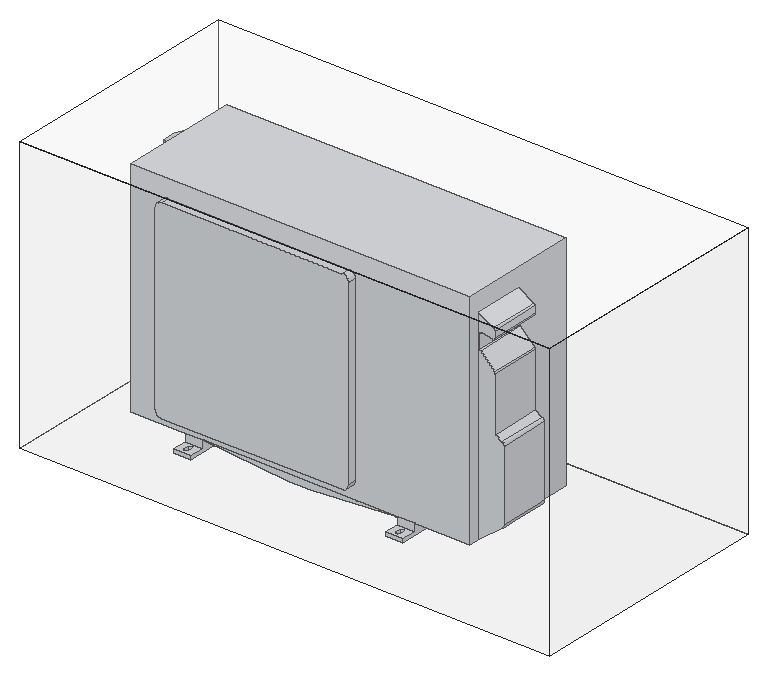
Revit family "mucz-g22_5624_50hz", category 機械設備, Revit 2019
Family settings
  丸型コネクタ寸法 = 直径を使用
  パーツ タイプ = 標準
  OmniClass 番号 = 23.75.10.24.21.27.27
  OmniClass タイトル = Split System Air Conditioning Units
  作業面ベース = いいえ
  常に垂直 = はい
  ロード時にボイドで切り取り = いいえ
  共有 = いいえ
  部屋計算ポイント = いいえ
Parameters (values of type "室外機_MUCZ-G4024S")
  風量 = MAX風量  # 2280.0 m³/h
  音響パワーレベル(dB) = if([運転音(強冷房)  db] > [運転音(強暖房)  db], [運転音(強冷房)  db], [運転音(強暖房)  db])  # 64
  電源種別 = ""
  電圧 = 200 V
  電動機出力_送風機 = 50 W
  電動機出力_圧縮機 = 1100 W
  運転音(強暖房)  db = 64
  運転音(強冷房)  db = 61
  運転質量 = 0.00 kg
  運転方法 = "冷暖切替"
  質量 = if(製品質量 > 運転質量, 製品質量, 運転質量) * 1.2  # 33.60 kg
  負荷分類 = 1_熱源類
  説明 = "ルームエアコン(霧ヶ峰) GVシリーズ 室外ユニット"
  設計暖房能力 [instance] = 0 kW
  設計冷房能力_顕熱 [instance] = 0 kW
  設計冷房能力 [instance] = 0 kW
  設置方法 = "床置形"
  記号 [instance] = ""
  製造元 = "三菱電機株式会社"
  製品質量 = 28.00 kg
  製品出荷対象 = "国内"
  製品リリース年月 = "-"
  製品グループ = ""
  系統 [instance] = ""
  符号 = "ACR"
  積算_科目 = "1 空気調和設備"
  積算_拾い区分 [instance] = ""
  相 = 1
  盤記号 [instance] = ""
  発停方法 = "付属スイッチ"
  特殊仕様 [instance] = ""
  法定耐用年数 = "6"
  構成品番 = ""
  極数 = 1
  材質 = ""
  本体マテリアル = none
  最大電流値 = 0 A
  暖房能力 = 5 kW
  暖房 風量 = 2280.0 m³/h
  推奨ブレーカー容量 = 0 A
  形式 = "パッケージ形 屋外機"
  形名 = MUCZ-G40_56*S : MUCZ-G40_56*S
  幹線記号 = ""
  始動方式 = "直入"
  呼称 = "パッケージ形空気調和機_室外機"
  周波数 = 50 Hz
  冷房 風量 = 2280.0 m³/h
  冷媒　位置Z = 132.5 mm
  冷媒　位置Y = 171 mm
  冷媒　位置X = 429 mm
  価格 = 0
  参照している仕様書等のバージョン = "公共建築物標準仕様書（機械設備工事編）平成31年度版"
  分類コード = "50053004206100"
  分類グループ = ""
  冷房能力 = 4 kW
  冷媒管径符号 = "Ab"
  冷媒管径 = 100.00 mm
  冷媒液管径 = 6.35 mm
  冷媒ガス管径 = 9.52 mm
  企業コード = "108420"
  付属品 = ""
  仕様書バージョン = "Version1.0"
  モデル = "MUCZ-G4024S"
  ドレン穴径 = 42.00 mm
  ドレン　位置Z = 45 mm
  ドレン　位置Y = 44 mm
  ドレン　位置X = 0 mm
  サービススペース = yes
  コメント [instance] = ""
  ケーブル種類1 = ""
  【値が 0 の項目は組合せ形名にてご確認ください】 = ""
  Width = 800 mm
  Version = ""
  Uniclass2015Version = "Systems v1.9"
  Uniclass2015Title = "Split coil remote air cooled condensing units"
  Uniclass2015Code = "Pr_70_65_03_84"
  URL = "https://www.mitsubishielectric.co.jp/ldg/wink/"
  SpecificationReference = ""
  SpecificationDescription = ""
  Revision = ""
  ProductInformation = ""
  OmniClassCode = "23-33 17 13 11"
  MAX風量 = 2280.0 m³/h
  IfcTypeProduct = ""
  IfcProduct = ""
  IfcExportType = "AIRCONDITIONINGUNIT"
  IfcExportAs = "IfcUnitaryEquipmentType"
  Height = 550 mm
  Depth = 285 mm
  Clearance Top = 100 mm
  Clearance Right = 350 mm
  Clearance Left = 100 mm
  Clearance Front = 200 mm
  Clearance Bottom = 0 mm
  Clearance Back = 100 mm
  COP_暖房 = 3.38
  COP_冷房 = 2.41
  COP = (COP_冷房 + COP_暖房) / 2  # 2.895
  Author = "三菱電機株式会社"
  APF = 0
Reference planes
  plane 1 "中心(正面/背面)": y = 74
  plane 2: z = 0
  plane 3 "中心(左/右)": x = 830
  plane 4 "右": x = 1230
  plane 5 "左": x = 430
  plane 6 "背面": y = 216.5
  plane 7 "正面": y = -68.5
  plane 8 "上部": z = 550
  plane 9 "Clearanse Top": z = 650
  plane 10 "SS_back": y = 316.5
  plane 11 "SS_front": y = -268.5
  plane 12 "SS_left": x = 330
  plane 13 "SS_right": x = 1580
  plane 14: z = 0
  plane 15: z = 45
  plane 16: z = 46
  plane 17: y = 172.5
  plane 18: y = 45.5
  plane 19: z = 132.5
  plane 20: x = 1259
  plane 21: z = 50
  plane 22: x = 1229
  plane 23: x = 1228
  plane 24: y = 46.5
Forms (mm)
  Extrusion 1, solid, material <- "本体マテリアル", detail levels fine
    sketch origin (-1437.329, -1524, 54) x (-1, 0, 0) y (0, -1, 0)
      loop
        circle (-2267.329, -1696.5) r 21
    from -9 to -8
  Extrusion 2, solid, material <- "本体マテリアル", detail levels fine
    sketch origin (1230, 0, 0) x (0, 1, 0) y (0, 0, 1)
      loop
        circle (172.5, 50) r 10
    from -1 to -2
  Extrusion 3, solid, material <- "本体マテリアル", detail levels fine
    sketch origin (0, -68.5, 0) x (1, 0, 0) y (0, 0, 1)
      loop
        circle (1259, 132.5) r 25
    from -115 to -114
Dimensions and locks
  equal spacing: plane 7 "正面", plane 1 "中心(正面/背面)", plane 6 "背面"
  "Depth": plane 7 "正面" to plane 6 "背面"
  "Width": plane 5 "左" to plane 4 "右"
  equal spacing: plane 5 "左", plane 3 "中心(左/右)", plane 4 "右"
  "Clearance Left": plane 12 "SS_left" to plane 5 "左"
  "Clearance Right": plane 4 "右" to plane 13 "SS_right"
  "Clearance Back": plane 6 "背面" to plane 10 "SS_back"
  "Clearance Front": plane 11 "SS_front" to plane 7 "正面"
  "Height": plane 8 "上部" to level
  "Clearance Top": plane 9 "Clearanse Top" to plane 8 "上部"
  "Clearance Bottom": level to plane 14
  "ドレン　位置Z": plane 15 to level
  locked: plane 16 to plane 15 at 1
  "冷媒　位置Z": plane 19 to level
  "冷媒　位置X": plane 3 "中心(左/右)" to plane 20
  locked: plane 22 to plane 4 "右" at 1
  plane 21 to level = 50 mm
  locked: plane 23 to plane 22 at 1
  "冷媒　位置Y": plane 18 to plane 6 "背面"
  "ドレン　位置Y": plane 17 to plane 6 "背面"
  locked: plane 18 to plane 24 at 1
  "ドレン穴径": diameter of Extrusion 1 sketch curve
  diameter of Extrusion 3 sketch curve = 50 mm
  aligned and locked: level to plane 2
  aligned and locked: plane 10 "SS_back" to nested 1  (x2)
  aligned and locked: plane 13 "SS_right" to nested 1
  aligned and locked: plane 12 "SS_left" to nested 1  (x2)
  aligned and locked: nested 1 to plane 13 "SS_right"
  aligned and locked: plane 11 "SS_front" to nested 1
  aligned and locked: plane 9 "Clearanse Top" to nested 1
  aligned and locked: plane 1 "中心(正面/背面)" to nested 2
  aligned and locked: plane 3 "中心(左/右)" to nested 2
  aligned and locked: plane 14 to nested 1
  aligned and locked: Extrusion 1 to plane 15
  aligned and locked: plane 16 to Extrusion 1
  aligned and locked: plane 17 to Extrusion 1 sketch curve
  aligned and locked: plane 3 "中心(左/右)" to Extrusion 1 sketch curve
  aligned and locked: plane 21 to Extrusion 2 sketch curve
  aligned and locked: plane 17 to Extrusion 2 sketch curve
  aligned and locked: Extrusion 2 to plane 22
  aligned and locked: Extrusion 2 to plane 23
  aligned and locked: plane 19 to Extrusion 3 sketch curve
  aligned and locked: plane 20 to Extrusion 3 sketch curve
  aligned and locked: plane 18 to Extrusion 3
  aligned and locked: Extrusion 3 to plane 24
Automatic sketch dimensions
  radius of Extrusion 2 sketch curve = 10 mm
Nested families
  nested 1: "サービススペース_MUCZ-G25-5623" at (955, 24, 325), visible <- "サービススペース", type "サービススペース_MUCZ-G25-5623"
    with Width 1250 mm, Height 650 mm, Depth 585 mm
  nested 2: "MUCZ-G40_56*S" at (830, 74, 0), type <- "形名", マテリアル <- "本体マテリアル", type "MUCZ-G40_56*S"
    with 表示 yes, マテリアル none, ボルトピッチ Y 310 mm, ボルトピッチ X 500 mm, W 800 mm, H 550 mm, D 285 mm
Connectors
  electrical at (1229, 172.5, 50), driven by "極数", driven by "負荷分類", driven by "電圧"
    settings: on Extrusion 2, index 1, voltage 200 V, apparent load 655 VA, apparent load phase1 655 VA, apparent load phase2 0 VA, apparent load phase3 0 VA, power factor 1, load classification "1_熱源類", number of poles 1, system type 30, power factor state 1, is connector primary yes, connector utility no, sub classification motor no, connector description ""
  piping at (830, 172.5, 45), diameter 42, driven by "ドレン穴径"
    settings: on Extrusion 1, index 3, connector inside diameter 609.60 mm, connector length 0 mm, flow factor 0, pipe flow 0.0 L/s, pressure drop 0.0 Pa, fitting loss kfactor 0, connector angle 0.00°, fixture units 0, engagement length 0 mm, angle of deflection 0.00°, flow configuration 1, flow direction 2, fitting loss method 4, system type 16, joint type 0, gender type 0, connector reference index -1, connector utility 0, adjustable connector no, is connector primary yes, connector description ""
  piping at (1259, 46.5, 132.5), diameter 100, driven by "冷媒管径", driven by "冷媒管径符号"
    settings: on Extrusion 3, index 4, connector inside diameter 609.60 mm, connector length 0 mm, flow factor 0, pipe flow 0.0 L/s, pressure drop 0.0 Pa, fitting loss kfactor 0, connector angle 0.00°, fixture units 0, engagement length 0 mm, angle of deflection 0.00°, flow configuration 1, flow direction 2, fitting loss method 4, system type 7, joint type 0, gender type 0, connector reference index -1, connector utility 0, adjustable connector no, is connector primary no, connector description "Ab"
Definition of nested family "サービススペース_MUCZ-G25-5623"
  Parameters (values of type "サービススペース")
    Width [instance] = 500 mm
    Height [instance] = 500 mm
    Depth [instance] = 500 mm
  Reference planes
    plane 1 "中心(正面/背面)": y = 0
    plane 2: z = 0
    plane 3 "中心(左/右)": x = 0
    plane 4: y = -250
    plane 5: x = 250
    plane 6: y = 250
    plane 7: x = -250
    plane 8: z = 250
    plane 9: z = -250
  Forms (mm)
    Extrusion 1, solid
      sketch origin (-638.939, 0, 72.39) x (1, 0, 0) y (0, 1, 0)
        loop
          line (388.939, 250) -> (388.939, -250) -> (888.939, -250) -> (888.939, 250) -> (388.939, 250)
      from -322.39 to 177.61
  Lines and regions (mm)
    symbolic lines
      curve 1: line (-250, 0, 250) -> (250, 0, 250)
      curve 2: line (-250, 0, -250) -> (-250, 0, 250)
      curve 3: line (250, 0, -250) -> (-250, 0, -250)
      curve 4: line (250, 0, 250) -> (250, 0, -250)
      curve 5: line (0, -250, 250) -> (0, 250, 250)
      curve 6: line (0, -250, -250) -> (0, -250, 250)
      curve 7: line (0, 250, -250) -> (0, -250, -250)
      curve 8: line (0, 250, 250) -> (0, 250, -250)
      curve 9: line (-250, 250, 0) -> (250, 250, 0)
      curve 10: line (-250, -250, 0) -> (-250, 250, 0)
      curve 11: line (250, -250, 0) -> (-250, -250, 0)
      curve 12: line (250, 250, 0) -> (250, -250, 0)
  Dimensions and locks
    equal spacing: plane 7, plane 3 "中心(左/右)", plane 5
    equal spacing: plane 4, plane 1 "中心(正面/背面)", plane 6
    "Depth": plane 4 to plane 6
    "Width": plane 7 to plane 5
    equal spacing: plane 8, plane 2, plane 9
    "Height": plane 8 to plane 9
    aligned and locked: plane 9 to curve 3
    aligned and locked: plane 7 to curve 2
    aligned and locked: curve 4 to plane 5
    aligned and locked: plane 5 to Extrusion 1
    aligned and locked: Extrusion 1 to plane 7
    aligned and locked: Extrusion 1 to plane 9
    aligned and locked: plane 8 to Extrusion 1
    aligned and locked: plane 9 to curve 7
  Automatic sketch dimensions
    plane 4 to Extrusion 1 sketch curve = 0 mm
    Extrusion 1 sketch curve to plane 7 = 0 mm
    Extrusion 1 sketch curve to plane 5 = 0 mm
    plane 6 to Extrusion 1 sketch curve = 0 mm
    curve 2 to plane 8 = 0 mm
    plane 4 to curve 11 = 0 mm
    curve 11 to plane 7 = 0 mm
    curve 11 to plane 5 = 0 mm
    plane 6 to curve 10 = 0 mm
    curve 7 to plane 4 = 0 mm
    curve 7 to plane 6 = 0 mm
    curve 6 to plane 8 = 0 mm
Definition of nested family "MUCZ-G40_56*S"
  Parameters (values of type "MUCZ-G40_56*S")
    ボルトピッチ Y [instance] = 310 mm  # constant formula
    ボルトピッチ X [instance] = 500 mm  # constant formula
    H [instance] = 550 mm  # constant formula
    D [instance] = 285 mm  # constant formula
    マテリアル [instance] = none
    表示 [instance] = yes
    W [instance] = 800 mm  # constant formula
  Reference planes
    plane 1 "中心(正面/背面)": y = 0
    plane 2: z = 0
    plane 3 "中心(左/右)": x = 0
    plane 4 "TOP": z = 550
    plane 5: x = -400
    plane 6: x = 400
    plane 7: y = 142.5
    plane 8: y = -142.5
    plane 9: x = -250
    plane 10: y = 167.041
    plane 11: y = -177.959
    plane 12: y = -159.959
  Forms (mm)
    Extrusion 1, solid, material <- "マテリアル", visible <- "表示", detail levels fine
      sketch origin (-1437.329, -1524, 550) x (-1, 0, 0) y (0, -1, 0)
        loop
          line (-1167.33, -1666.5) -> (-1167.33, -1381.5) -> (-1207.33, -1381.5) -> (-1207.33, -1666.5) -> (-1167.33, -1666.5)
        loop
          line (-1667.33, -1666.5) -> (-1667.33, -1381.5) -> (-1707.33, -1381.5) -> (-1707.33, -1666.5) -> (-1667.33, -1666.5)
      from -550 to -524
    Extrusion 2, solid, material <- "マテリアル", visible <- "表示", detail levels fine
      sketch origin (-1437.329, -1524, 550) x (-1, 0, 0) y (0, -1, 0)
        loop
          line (-1837.329, -1646.5) -> (-1037.329, -1646.5) -> (-1037.329, -1381.5) -> (-1837.329, -1381.5) -> (-1837.329, -1646.5)
      from -524 to 0
    Blend 3, solid, material <- "マテリアル", visible <- "表示", detail levels fine
      base sketch origin (0, 0, 0) x (0, 1, 0) y (0, 0, 1)
        loop
          line (35.041, 547.199) -> (-34.959, 547.199) -> (-34.959, 535) -> (35.041, 535) -> (35.041, 547.199)
      top sketch origin (0, 0, 0) x (0, 1, 0) y (0, 0, 1)
        loop
          line (16.845, 538.639) -> (-17.297, 538.639) -> (-17.297, 535) -> (16.845, 535) -> (16.845, 538.639)
      from -400 to -422.3
    Extrusion 4, solid, material <- "マテリアル", visible <- "表示", detail levels fine
      sketch origin (0, 0, 0) x (1, 0, 0) y (0, 0, 1)
        loop
          line (400, 508) -> (400, 26) -> (458.1, 70.718)
          arc (458.1, 70.718) -> (460.972, 74.226) -> (462, 78.642) r 10
          line (462, 78.642) -> (462, 243.825)
          arc (462, 243.825) -> (460.661, 248.825) -> (457, 252.485) r 10
          line (457, 252.485) -> (440.519, 262) -> (440.519, 389.679)
          arc (440.519, 389.679) -> (440.139, 391.593) -> (439.055, 393.215) r 5
          line (439.055, 393.215) -> (405.379, 426.89)
          arc (405.379, 426.89) -> (404.296, 428.513) -> (403.915, 430.426) r 5
          line (403.915, 430.426) -> (403.915, 462.333)
          arc (403.915, 462.333) -> (405.837, 466.273) -> (410.125, 467.184) r 5
          line (410.125, 467.184) -> (434.31, 461.154)
          arc (434.31, 461.154) -> (438.598, 462.066) -> (440.519, 466.006) r 5
          line (440.519, 466.006) -> (440.519, 481.719)
          arc (440.519, 481.719) -> (439.85, 484.219) -> (438.019, 486.05) r 5
          line (438.019, 486.05) -> (400, 508)
      from -0.041 to 116.959
    Extrusion 5, solid, material <- "マテリアル", visible <- "表示", detail levels fine
      sketch origin (-1437.329, -1524, 550) x (-1, 0, 0) y (0, -1, 0)
        loop
          line (-1167.33, -1691.023) -> (-1167.33, -1666.523) -> (-1207.33, -1666.523) -> (-1207.33, -1691.023) -> (-1192.33, -1691.023) -> (-1192.33, -1674.041)
          arc (-1192.33, -1674.041) -> (-1187.33, -1669.041) -> (-1182.33, -1674.041) r 5
          line (-1182.33, -1674.041) -> (-1182.33, -1691.023) -> (-1167.33, -1691.023)
        loop
          line (-1667.33, -1691.041) -> (-1667.33, -1666.541) -> (-1707.33, -1666.541) -> (-1707.33, -1691.041) -> (-1692.33, -1691.041) -> (-1692.33, -1674.041)
          arc (-1692.33, -1674.041) -> (-1687.33, -1669.041) -> (-1682.33, -1674.041) r 5
          line (-1682.33, -1674.041) -> (-1682.33, -1691.041) -> (-1667.33, -1691.041)
        loop
          line (-1667.33, -1381.541) -> (-1667.33, -1346.541) -> (-1707.33, -1346.541) -> (-1707.33, -1381.541) -> (-1667.33, -1381.541)
        loop
          line (-1167.33, -1381.541) -> (-1167.33, -1346.541) -> (-1207.33, -1346.541) -> (-1207.33, -1381.541) -> (-1167.33, -1381.541)
        loop
          arc (-1692.33, -1369.541) -> (-1687.33, -1374.541) -> (-1682.33, -1369.541) r 5
          line (-1682.33, -1369.541) -> (-1682.33, -1358.541)
          arc (-1682.33, -1358.541) -> (-1687.33, -1353.541) -> (-1692.33, -1358.541) r 5
          line (-1692.33, -1358.541) -> (-1692.33, -1369.541)
        loop
          line (-1182.329, -1369.485) -> (-1182.329, -1358.584)
          arc (-1182.329, -1358.584) -> (-1187.379, -1353.534) -> (-1192.429, -1358.584) r 5.05
          line (-1192.429, -1358.584) -> (-1192.429, -1369.485)
          arc (-1192.429, -1369.485) -> (-1187.379, -1374.534) -> (-1182.329, -1369.485) r 5.05
      from -542 to -550
    Extrusion 6, solid, material <- "マテリアル", visible <- "表示", detail levels fine
      sketch origin (1480.036, -173.2, 1200) x (1, 0, 0) y (0, 0, 1)
        loop
          line (-1805.536, -707) -> (-1805.536, -1133)
          arc (-1805.536, -1133) -> (-1801.143, -1143.607) -> (-1790.536, -1148) r 15
          line (-1790.536, -1148) -> (-1364.536, -1148)
          arc (-1364.536, -1148) -> (-1353.93, -1143.607) -> (-1349.536, -1133) r 15
          line (-1349.536, -1133) -> (-1349.536, -707)
          arc (-1349.536, -707) -> (-1353.93, -696.393) -> (-1364.536, -692) r 15
          line (-1364.536, -692) -> (-1790.536, -692)
          arc (-1790.536, -692) -> (-1801.143, -696.393) -> (-1805.536, -707) r 15
      from -30.7 to -10.7
    Extrusion 7, solid, material <- "マテリアル", visible <- "表示", detail levels fine
      sketch origin (1480.036, -173.2, 1200) x (1, 0, 0) y (0, 0, 1)
        loop
          line (-1880.036, -650) -> (-1880.036, -1174) -> (-1080.036, -1174) -> (-1080.036, -650) -> (-1880.036, -650)
        loop
          line (-1160.036, -675) -> (-1840.036, -675) -> (-1840.036, -1155) -> (-1160.036, -1155) -> (-1160.036, -675)
      from -315.7 to -277.7
    Extrusion 8, solid, visible <- "表示", detail levels fine
      sketch origin (1480.036, -162.5, 1200) x (1, 0, 0) y (0, 0, 1)
        loop
          line (-1710.036, -1174) -> (-1505.067, -1190) -> (-1455.067, -1190) -> (-1250.036, -1174) -> (-1710.036, -1174)
      from -285 to -20
    Extrusion 9, void
      sketch origin (0, 0, 0) x (1, 0, 0) y (0, 1, 0)
        loop
          circle (0, 98.541) r 21
      from 8 to 45
    Extrusion 10, solid, visible <- "表示", detail levels fine
      sketch origin (1480.036, -162.5, 1200) x (1, 0, 0) y (0, 0, 1)
        loop
          line (-1750.005, -675) -> (-1840.036, -675) -> (-1840.036, -1155) -> (-1750.005, -1155) -> (-1750.005, -675)
        loop
          line (-1830.036, -790) -> (-1760.005, -790) -> (-1760.005, -684) -> (-1830.036, -684) -> (-1830.036, -790)
        loop
          line (-1760.005, -802) -> (-1830.036, -802) -> (-1830.036, -908) -> (-1760.005, -908) -> (-1760.005, -802)
        loop
          line (-1760.005, -922) -> (-1830.036, -922) -> (-1830.036, -1028) -> (-1760.005, -1028) -> (-1760.005, -922)
        loop
          line (-1760.005, -1042) -> (-1830.036, -1042) -> (-1830.036, -1148) -> (-1760.005, -1148) -> (-1760.005, -1042)
      from -306 to -305
    Sweep 11, solid, detail levels fine
      path origin (428, 28.181, 1200) x (0, 1, 0) y (0, 0, 1)
        loop
          line (-56.14, -1035.5) -> (-34.105, -1020.071)
      profile origin (428, -16.942, 172.215) x (0, -0.573576, 0.819152) y (1, 0, 0)
        loop
          circle (0, 0) r 6.35
    Sweep 12, solid, detail levels fine
      path origin (428, 28.181, 1200) x (0, 1, 0) y (0, 0, 1)
        loop
          line (-56.14, -1100.5) -> (-36.394, -1082.086)
      profile origin (428, -18.086, 108.707) x (0, -0.681998, 0.731354) y (1, 0, 0)
        loop
          circle (0, 0) r 9.52
  Cuts and joins
    joined: Extrusion 1, Extrusion 5
    Extrusion 9 cuts Extrusion 2
    Extrusion 9 cuts Extrusion 7
    joined: Extrusion 2, Extrusion 7
    Extrusion 9 cuts Extrusion 8
  Lines and regions (mm)
    Masking region 1, visible <- "表示", detail levels coarse+medium
      outline origin (-1437.329, -1524, 550) x (-1, 0, 0) y (0, -1, 0)
        loop
          line (-1837.329, -1381.5) -> (-1837.329, -1666.5) -> (-1037.329, -1666.5) -> (-1037.329, -1381.5) -> (-1837.329, -1381.5)
    symbolic lines
      curve 1: line (-400, 142.5, 0) -> (400, 142.5, 0)
      curve 2: line (-400, -142.5, 0) -> (-400, 142.5, 0)
      curve 3: line (400, -142.5, 0) -> (-400, -142.5, 0)
      curve 4: line (400, 142.5, 0) -> (400, -142.5, 0)
    model lines, visible <- "表示", detail levels fine
      curve 5: line (130.544, -162.5, 446) -> (-325.456, -162.5, 446)
      curve 6: line (130.544, -162.5, 352) -> (-325.456, -162.5, 352)
      curve 7: line (130.544, -162.5, 258) -> (-325.456, -162.5, 258)
      curve 8: line (130.544, -162.5, 164) -> (-325.456, -162.5, 164)
      curve 9: line (-319.456, -162.5, 505) -> (-319.456, -162.5, 55)
      curve 10: line (-307.456, -162.5, 508) -> (-307.456, -162.5, 52)
      curve 11: line (-295.456, -162.5, 508) -> (-295.456, -162.5, 52)
      curve 12: line (-283.456, -162.5, 508) -> (-283.456, -162.5, 52)
      curve 13: line (-271.456, -162.5, 508) -> (-271.456, -162.5, 52)
      curve 14: line (-259.456, -162.5, 508) -> (-259.456, -162.5, 52)
      curve 15: line (-247.563, -162.5, 508) -> (-247.563, -162.5, 52)
      curve 16: line (-235.456, -162.5, 508) -> (-235.456, -162.5, 52)
      curve 17: line (-223.456, -162.5, 508) -> (-223.456, -162.5, 52)
      curve 18: line (-211.456, -162.5, 508) -> (-211.456, -162.5, 52)
      curve 19: line (-199.456, -162.5, 508) -> (-199.456, -162.5, 52)
      curve 20: line (-187.456, -162.5, 508) -> (-187.456, -162.5, 52)
      curve 21: line (-175.456, -162.5, 508) -> (-175.456, -162.5, 52)
      curve 22: line (-163.563, -162.5, 508) -> (-163.563, -162.5, 52)
      curve 23: line (-151.456, -162.5, 508) -> (-151.456, -162.5, 52)
      curve 24: line (-139.456, -162.5, 508) -> (-139.456, -162.5, 52)
      curve 25: line (-127.456, -162.5, 508) -> (-127.456, -162.5, 52)
      curve 26: line (-115.456, -162.5, 508) -> (-115.456, -162.5, 52)
      curve 27: line (-103.456, -162.5, 508) -> (-103.456, -162.5, 52)
      curve 28: line (-91.456, -162.5, 508) -> (-91.456, -162.5, 52)
      curve 29: line (-79.563, -162.5, 508) -> (-79.563, -162.5, 52)
      curve 30: line (-67.456, -162.5, 508) -> (-67.456, -162.5, 52)
      curve 31: line (-55.456, -162.5, 508) -> (-55.456, -162.5, 52)
      curve 32: line (-43.456, -162.5, 508) -> (-43.456, -162.5, 52)
      curve 33: line (-31.456, -162.5, 508) -> (-31.456, -162.5, 52)
      curve 34: line (-19.456, -162.5, 508) -> (-19.456, -162.5, 52)
      curve 35: line (-7.456, -162.5, 508) -> (-7.456, -162.5, 52)
      curve 36: line (4.437, -162.5, 508) -> (4.437, -162.5, 52)
      curve 37: line (16.544, -162.5, 508) -> (16.544, -162.5, 52)
      curve 38: line (28.544, -162.5, 508) -> (28.544, -162.5, 52)
      curve 39: line (40.544, -162.5, 508) -> (40.544, -162.5, 52)
      curve 40: line (52.544, -162.5, 508) -> (52.544, -162.5, 52)
      curve 41: line (64.544, -162.5, 508) -> (64.544, -162.5, 52)
      curve 42: line (76.437, -162.5, 508) -> (76.437, -162.5, 52)
      curve 43: line (88.544, -162.5, 508) -> (88.544, -162.5, 52)
      curve 44: line (100.544, -162.5, 508) -> (100.544, -162.5, 52)
      curve 45: line (112.544, -162.5, 508) -> (112.544, -162.5, 52)
      curve 46: line (124.544, -162.5, 505) -> (124.544, -162.5, 55)
      curve 47: line (-400, 110.541, 510) -> (-400, 30.541, 510)
      curve 48: arc (-400, 30.541, 510) -> (-400, 26.298, 508.243) -> (-400, 24.541, 504) r 6
      curve 49: line (-400, 24.541, 504) -> (-400, 24.541, 501)
      curve 50: arc (-400, 24.541, 501) -> (-400, 26.298, 496.757) -> (-400, 30.541, 495) r 6
      curve 51: line (-400, 30.541, 495) -> (-400, 110.541, 495)
      curve 52: arc (-400, 110.541, 495) -> (-400, 114.783, 496.757) -> (-400, 116.541, 501) r 6
      curve 53: line (-400, 116.541, 501) -> (-400, 116.541, 504)
      curve 54: arc (-400, 116.541, 504) -> (-400, 114.783, 508.243) -> (-400, 110.541, 510) r 6
      curve 55: line (-400, 110.541, 489) -> (-400, 30.541, 489)
      curve 56: arc (-400, 30.541, 489) -> (-400, 26.298, 487.243) -> (-400, 24.541, 483) r 6
      curve 57: line (-400, 24.541, 483) -> (-400, 24.541, 480)
      curve 58: arc (-400, 24.541, 480) -> (-400, 26.298, 475.757) -> (-400, 30.541, 474) r 6
      curve 59: line (-400, 30.541, 474) -> (-400, 110.541, 474)
      curve 60: arc (-400, 110.541, 474) -> (-400, 114.783, 475.757) -> (-400, 116.541, 480) r 6
      curve 61: line (-400, 116.541, 480) -> (-400, 116.541, 483)
      curve 62: arc (-400, 116.541, 483) -> (-400, 114.783, 487.243) -> (-400, 110.541, 489) r 6
      curve 63: line (-400, 30.541, 453) -> (-400, 110.541, 453)
      curve 64: arc (-400, 110.541, 453) -> (-400, 114.783, 454.757) -> (-400, 116.541, 459) r 6
      curve 65: line (-400, 116.541, 459) -> (-400, 116.541, 462)
      curve 66: arc (-400, 116.541, 462) -> (-400, 114.783, 466.243) -> (-400, 110.541, 468) r 6
      curve 67: line (-400, 110.541, 468) -> (-400, 30.541, 468)
      curve 68: arc (-400, 30.541, 468) -> (-400, 26.298, 466.243) -> (-400, 24.541, 462) r 6
      curve 69: line (-400, 24.541, 462) -> (-400, 24.541, 459)
      curve 70: arc (-400, 24.541, 459) -> (-400, 26.298, 454.757) -> (-400, 30.541, 453) r 6
      curve 71: line (-400, 30.541, 432) -> (-400, 110.541, 432)
      curve 72: arc (-400, 110.541, 432) -> (-400, 114.783, 433.757) -> (-400, 116.541, 438) r 6
      curve 73: line (-400, 116.541, 438) -> (-400, 116.541, 441)
      curve 74: arc (-400, 116.541, 441) -> (-400, 114.783, 445.243) -> (-400, 110.541, 447) r 6
      curve 75: line (-400, 110.541, 447) -> (-400, 30.541, 447)
      curve 76: arc (-400, 30.541, 447) -> (-400, 26.298, 445.243) -> (-400, 24.541, 441) r 6
      curve 77: line (-400, 24.541, 441) -> (-400, 24.541, 438)
      curve 78: arc (-400, 24.541, 438) -> (-400, 26.298, 433.757) -> (-400, 30.541, 432) r 6
      curve 79: line (-400, 30.541, 411) -> (-400, 110.541, 411)
      curve 80: arc (-400, 110.541, 411) -> (-400, 114.783, 412.757) -> (-400, 116.541, 417) r 6
      curve 81: line (-400, 116.541, 417) -> (-400, 116.541, 420)
      curve 82: arc (-400, 116.541, 420) -> (-400, 114.783, 424.243) -> (-400, 110.541, 426) r 6
      curve 83: line (-400, 110.541, 426) -> (-400, 30.541, 426)
      curve 84: arc (-400, 30.541, 426) -> (-400, 26.298, 424.243) -> (-400, 24.541, 420) r 6
      curve 85: line (-400, 24.541, 420) -> (-400, 24.541, 417)
      curve 86: arc (-400, 24.541, 417) -> (-400, 26.298, 412.757) -> (-400, 30.541, 411) r 6
      curve 87: line (-400, 30.541, 390) -> (-400, 110.541, 390)
      curve 88: arc (-400, 110.541, 390) -> (-400, 114.783, 391.757) -> (-400, 116.541, 396) r 6
      curve 89: line (-400, 116.541, 396) -> (-400, 116.541, 399)
      curve 90: arc (-400, 116.541, 399) -> (-400, 114.783, 403.243) -> (-400, 110.541, 405) r 6
      curve 91: line (-400, 110.541, 405) -> (-400, 30.541, 405)
      curve 92: arc (-400, 30.541, 405) -> (-400, 26.298, 403.243) -> (-400, 24.541, 399) r 6
      curve 93: line (-400, 24.541, 399) -> (-400, 24.541, 396)
      curve 94: arc (-400, 24.541, 396) -> (-400, 26.298, 391.757) -> (-400, 30.541, 390) r 6
      curve 95: line (-400, 30.541, 369) -> (-400, 110.541, 369)
      curve 96: arc (-400, 110.541, 369) -> (-400, 114.783, 370.757) -> (-400, 116.541, 375) r 6
      curve 97: line (-400, 116.541, 375) -> (-400, 116.541, 378)
      curve 98: arc (-400, 116.541, 378) -> (-400, 114.783, 382.243) -> (-400, 110.541, 384) r 6
      curve 99: line (-400, 110.541, 384) -> (-400, 30.541, 384)
      curve 100: arc (-400, 30.541, 384) -> (-400, 26.298, 382.243) -> (-400, 24.541, 378) r 6
      curve 101: line (-400, 24.541, 378) -> (-400, 24.541, 375)
      curve 102: arc (-400, 24.541, 375) -> (-400, 26.298, 370.757) -> (-400, 30.541, 369) r 6
      curve 103: line (-400, 30.541, 348) -> (-400, 110.541, 348)
      curve 104: arc (-400, 110.541, 348) -> (-400, 114.783, 349.757) -> (-400, 116.541, 354) r 6
      curve 105: line (-400, 116.541, 354) -> (-400, 116.541, 357)
      curve 106: arc (-400, 116.541, 357) -> (-400, 114.783, 361.243) -> (-400, 110.541, 363) r 6
      curve 107: line (-400, 110.541, 363) -> (-400, 30.541, 363)
      curve 108: arc (-400, 30.541, 363) -> (-400, 26.298, 361.243) -> (-400, 24.541, 357) r 6
      curve 109: line (-400, 24.541, 357) -> (-400, 24.541, 354)
      curve 110: arc (-400, 24.541, 354) -> (-400, 26.298, 349.757) -> (-400, 30.541, 348) r 6
      curve 111: line (-400, 30.541, 327) -> (-400, 110.541, 327)
      curve 112: arc (-400, 110.541, 327) -> (-400, 114.783, 328.757) -> (-400, 116.541, 333) r 6
      curve 113: line (-400, 116.541, 333) -> (-400, 116.541, 336)
      curve 114: arc (-400, 116.541, 336) -> (-400, 114.783, 340.243) -> (-400, 110.541, 342) r 6
      curve 115: line (-400, 110.541, 342) -> (-400, 30.541, 342)
      curve 116: arc (-400, 30.541, 342) -> (-400, 26.298, 340.243) -> (-400, 24.541, 336) r 6
      curve 117: line (-400, 24.541, 336) -> (-400, 24.541, 333)
      curve 118: arc (-400, 24.541, 333) -> (-400, 26.298, 328.757) -> (-400, 30.541, 327) r 6
      curve 119: line (-400, 30.541, 306) -> (-400, 110.541, 306)
      curve 120: arc (-400, 110.541, 306) -> (-400, 114.783, 307.757) -> (-400, 116.541, 312) r 6
      curve 121: line (-400, 116.541, 312) -> (-400, 116.541, 315)
      curve 122: arc (-400, 116.541, 315) -> (-400, 114.783, 319.243) -> (-400, 110.541, 321) r 6
      curve 123: line (-400, 110.541, 321) -> (-400, 30.541, 321)
      curve 124: arc (-400, 30.541, 321) -> (-400, 26.298, 319.243) -> (-400, 24.541, 315) r 6
      curve 125: line (-400, 24.541, 315) -> (-400, 24.541, 312)
      curve 126: arc (-400, 24.541, 312) -> (-400, 26.298, 307.757) -> (-400, 30.541, 306) r 6
      curve 127: line (-400, 30.541, 285) -> (-400, 110.541, 285)
      curve 128: arc (-400, 110.541, 285) -> (-400, 114.783, 286.757) -> (-400, 116.541, 291) r 6
      curve 129: line (-400, 116.541, 291) -> (-400, 116.541, 294)
      curve 130: arc (-400, 116.541, 294) -> (-400, 114.783, 298.243) -> (-400, 110.541, 300) r 6
      curve 131: line (-400, 110.541, 300) -> (-400, 30.541, 300)
      curve 132: arc (-400, 30.541, 300) -> (-400, 26.298, 298.243) -> (-400, 24.541, 294) r 6
      curve 133: line (-400, 24.541, 294) -> (-400, 24.541, 291)
      curve 134: arc (-400, 24.541, 291) -> (-400, 26.298, 286.757) -> (-400, 30.541, 285) r 6
      curve 135: line (-400, 30.541, 264) -> (-400, 110.541, 264)
      curve 136: arc (-400, 110.541, 264) -> (-400, 114.783, 265.757) -> (-400, 116.541, 270) r 6
      curve 137: line (-400, 116.541, 270) -> (-400, 116.541, 273)
      curve 138: arc (-400, 116.541, 273) -> (-400, 114.783, 277.243) -> (-400, 110.541, 279) r 6
      curve 139: line (-400, 110.541, 279) -> (-400, 30.541, 279)
      curve 140: arc (-400, 30.541, 279) -> (-400, 26.298, 277.243) -> (-400, 24.541, 273) r 6
      curve 141: line (-400, 24.541, 273) -> (-400, 24.541, 270)
      curve 142: arc (-400, 24.541, 270) -> (-400, 26.298, 265.757) -> (-400, 30.541, 264) r 6
      curve 143: line (-400, 30.541, 243) -> (-400, 110.541, 243)
      curve 144: arc (-400, 110.541, 243) -> (-400, 114.783, 244.757) -> (-400, 116.541, 249) r 6
      curve 145: line (-400, 116.541, 249) -> (-400, 116.541, 252)
      curve 146: arc (-400, 116.541, 252) -> (-400, 114.783, 256.243) -> (-400, 110.541, 258) r 6
      curve 147: line (-400, 110.541, 258) -> (-400, 30.541, 258)
      curve 148: arc (-400, 30.541, 258) -> (-400, 26.298, 256.243) -> (-400, 24.541, 252) r 6
      curve 149: line (-400, 24.541, 252) -> (-400, 24.541, 249)
      curve 150: arc (-400, 24.541, 249) -> (-400, 26.298, 244.757) -> (-400, 30.541, 243) r 6
      curve 151: line (-400, 30.541, 222) -> (-400, 110.541, 222)
      curve 152: arc (-400, 110.541, 222) -> (-400, 114.783, 223.757) -> (-400, 116.541, 228) r 6
      curve 153: line (-400, 116.541, 228) -> (-400, 116.541, 231)
      curve 154: arc (-400, 116.541, 231) -> (-400, 114.783, 235.243) -> (-400, 110.541, 237) r 6
      curve 155: line (-400, 110.541, 237) -> (-400, 30.541, 237)
      curve 156: arc (-400, 30.541, 237) -> (-400, 26.298, 235.243) -> (-400, 24.541, 231) r 6
      curve 157: line (-400, 24.541, 231) -> (-400, 24.541, 228)
      curve 158: arc (-400, 24.541, 228) -> (-400, 26.298, 223.757) -> (-400, 30.541, 222) r 6
      curve 159: line (-400, 30.541, 201) -> (-400, 110.541, 201)
      curve 160: arc (-400, 110.541, 201) -> (-400, 114.783, 202.757) -> (-400, 116.541, 207) r 6
      curve 161: line (-400, 116.541, 207) -> (-400, 116.541, 210)
      curve 162: arc (-400, 116.541, 210) -> (-400, 114.783, 214.243) -> (-400, 110.541, 216) r 6
      curve 163: line (-400, 110.541, 216) -> (-400, 30.541, 216)
      curve 164: arc (-400, 30.541, 216) -> (-400, 26.298, 214.243) -> (-400, 24.541, 210) r 6
      curve 165: line (-400, 24.541, 210) -> (-400, 24.541, 207)
      curve 166: arc (-400, 24.541, 207) -> (-400, 26.298, 202.757) -> (-400, 30.541, 201) r 6
      curve 167: line (-400, 30.541, 180) -> (-400, 110.541, 180)
      curve 168: arc (-400, 110.541, 180) -> (-400, 114.783, 181.757) -> (-400, 116.541, 186) r 6
      curve 169: line (-400, 116.541, 186) -> (-400, 116.541, 189)
      curve 170: arc (-400, 116.541, 189) -> (-400, 114.783, 193.243) -> (-400, 110.541, 195) r 6
      curve 171: line (-400, 110.541, 195) -> (-400, 30.541, 195)
      curve 172: arc (-400, 30.541, 195) -> (-400, 26.298, 193.243) -> (-400, 24.541, 189) r 6
      curve 173: line (-400, 24.541, 189) -> (-400, 24.541, 186)
      curve 174: arc (-400, 24.541, 186) -> (-400, 26.298, 181.757) -> (-400, 30.541, 180) r 6
      curve 175: line (-400, 30.541, 159) -> (-400, 110.541, 159)
      curve 176: arc (-400, 110.541, 159) -> (-400, 114.783, 160.757) -> (-400, 116.541, 165) r 6
      curve 177: line (-400, 116.541, 165) -> (-400, 116.541, 168)
      curve 178: arc (-400, 116.541, 168) -> (-400, 114.783, 172.243) -> (-400, 110.541, 174) r 6
      curve 179: line (-400, 110.541, 174) -> (-400, 30.541, 174)
      curve 180: arc (-400, 30.541, 174) -> (-400, 26.298, 172.243) -> (-400, 24.541, 168) r 6
      curve 181: line (-400, 24.541, 168) -> (-400, 24.541, 165)
      curve 182: arc (-400, 24.541, 165) -> (-400, 26.298, 160.757) -> (-400, 30.541, 159) r 6
      curve 183: line (-400, 30.541, 138) -> (-400, 110.541, 138)
      curve 184: arc (-400, 110.541, 138) -> (-400, 114.783, 139.757) -> (-400, 116.541, 144) r 6
      curve 185: line (-400, 116.541, 144) -> (-400, 116.541, 147)
      curve 186: arc (-400, 116.541, 147) -> (-400, 114.783, 151.243) -> (-400, 110.541, 153) r 6
      curve 187: line (-400, 110.541, 153) -> (-400, 30.541, 153)
      curve 188: arc (-400, 30.541, 153) -> (-400, 26.298, 151.243) -> (-400, 24.541, 147) r 6
      curve 189: line (-400, 24.541, 147) -> (-400, 24.541, 144)
      curve 190: arc (-400, 24.541, 144) -> (-400, 26.298, 139.757) -> (-400, 30.541, 138) r 6
      curve 191: line (-400, 30.541, 117) -> (-400, 110.541, 117)
      curve 192: arc (-400, 110.541, 117) -> (-400, 114.783, 118.757) -> (-400, 116.541, 123) r 6
      curve 193: line (-400, 116.541, 123) -> (-400, 116.541, 126)
      curve 194: arc (-400, 116.541, 126) -> (-400, 114.783, 130.243) -> (-400, 110.541, 132) r 6
      curve 195: line (-400, 110.541, 132) -> (-400, 30.541, 132)
      curve 196: arc (-400, 30.541, 132) -> (-400, 26.298, 130.243) -> (-400, 24.541, 126) r 6
      curve 197: line (-400, 24.541, 126) -> (-400, 24.541, 123)
      curve 198: arc (-400, 24.541, 123) -> (-400, 26.298, 118.757) -> (-400, 30.541, 117) r 6
      curve 199: line (-400, 30.541, 96) -> (-400, 110.541, 96)
      curve 200: arc (-400, 110.541, 96) -> (-400, 114.783, 97.757) -> (-400, 116.541, 102) r 6
      curve 201: line (-400, 116.541, 102) -> (-400, 116.541, 105)
      curve 202: arc (-400, 116.541, 105) -> (-400, 114.783, 109.243) -> (-400, 110.541, 111) r 6
      curve 203: line (-400, 110.541, 111) -> (-400, 30.541, 111)
      curve 204: arc (-400, 30.541, 111) -> (-400, 26.298, 109.243) -> (-400, 24.541, 105) r 6
      curve 205: line (-400, 24.541, 105) -> (-400, 24.541, 102)
      curve 206: arc (-400, 24.541, 102) -> (-400, 26.298, 97.757) -> (-400, 30.541, 96) r 6
      curve 207: line (-400, 30.541, 75) -> (-400, 110.541, 75)
      curve 208: arc (-400, 110.541, 75) -> (-400, 114.783, 76.757) -> (-400, 116.541, 81) r 6
      curve 209: line (-400, 116.541, 81) -> (-400, 116.541, 84)
      curve 210: arc (-400, 116.541, 84) -> (-400, 114.783, 88.243) -> (-400, 110.541, 90) r 6
      curve 211: line (-400, 110.541, 90) -> (-400, 30.541, 90)
      curve 212: arc (-400, 30.541, 90) -> (-400, 26.298, 88.243) -> (-400, 24.541, 84) r 6
      curve 213: line (-400, 24.541, 84) -> (-400, 24.541, 81)
      curve 214: arc (-400, 24.541, 81) -> (-400, 26.298, 76.757) -> (-400, 30.541, 75) r 6
      curve 215: line (-400, 30.541, 54) -> (-400, 110.541, 54)
      curve 216: arc (-400, 110.541, 54) -> (-400, 114.783, 55.757) -> (-400, 116.541, 60) r 6
      curve 217: line (-400, 116.541, 60) -> (-400, 116.541, 63)
      curve 218: arc (-400, 116.541, 63) -> (-400, 114.783, 67.243) -> (-400, 110.541, 69) r 6
      curve 219: line (-400, 110.541, 69) -> (-400, 30.541, 69)
      curve 220: arc (-400, 30.541, 69) -> (-400, 26.298, 67.243) -> (-400, 24.541, 63) r 6
      curve 221: line (-400, 24.541, 63) -> (-400, 24.541, 60)
      curve 222: arc (-400, 24.541, 60) -> (-400, 26.298, 55.757) -> (-400, 30.541, 54) r 6
      curve 223: line (-400, -71.459, 54) -> (-400, 8.541, 54)
      curve 224: arc (-400, 8.541, 54) -> (-400, 12.783, 55.757) -> (-400, 14.541, 60) r 6
      curve 225: line (-400, 14.541, 60) -> (-400, 14.541, 63)
      curve 226: arc (-400, 14.541, 63) -> (-400, 12.783, 67.243) -> (-400, 8.541, 69) r 6
      curve 227: line (-400, 8.541, 69) -> (-400, -71.459, 69)
      curve 228: arc (-400, -71.459, 69) -> (-400, -75.702, 67.243) -> (-400, -77.459, 63) r 6
      curve 229: line (-400, -77.459, 63) -> (-400, -77.459, 60)
      curve 230: arc (-400, -77.459, 60) -> (-400, -75.702, 55.757) -> (-400, -71.459, 54) r 6
      curve 231: line (-400, 8.541, 90) -> (-400, -71.459, 90)
      curve 232: arc (-400, -71.459, 90) -> (-400, -75.702, 88.243) -> (-400, -77.459, 84) r 6
      curve 233: line (-400, -77.459, 84) -> (-400, -77.459, 81)
      curve 234: arc (-400, -77.459, 81) -> (-400, -75.702, 76.757) -> (-400, -71.459, 75) r 6
      curve 235: line (-400, -71.459, 75) -> (-400, 8.541, 75)
      curve 236: arc (-400, 8.541, 75) -> (-400, 12.783, 76.757) -> (-400, 14.541, 81) r 6
      curve 237: line (-400, 14.541, 81) -> (-400, 14.541, 84)
      curve 238: arc (-400, 14.541, 84) -> (-400, 12.783, 88.243) -> (-400, 8.541, 90) r 6
      curve 239: line (-400, 8.541, 111) -> (-400, -71.459, 111)
      curve 240: arc (-400, -71.459, 111) -> (-400, -75.702, 109.243) -> (-400, -77.459, 105) r 6
      curve 241: line (-400, -77.459, 105) -> (-400, -77.459, 102)
      curve 242: arc (-400, -77.459, 102) -> (-400, -75.702, 97.757) -> (-400, -71.459, 96) r 6
      curve 243: line (-400, -71.459, 96) -> (-400, 8.541, 96)
      curve 244: arc (-400, 8.541, 96) -> (-400, 12.783, 97.757) -> (-400, 14.541, 102) r 6
      curve 245: line (-400, 14.541, 102) -> (-400, 14.541, 105)
      curve 246: arc (-400, 14.541, 105) -> (-400, 12.783, 109.243) -> (-400, 8.541, 111) r 6
      curve 247: line (-400, 8.541, 132) -> (-400, -71.459, 132)
      curve 248: arc (-400, -71.459, 132) -> (-400, -75.702, 130.243) -> (-400, -77.459, 126) r 6
      curve 249: line (-400, -77.459, 126) -> (-400, -77.459, 123)
      curve 250: arc (-400, -77.459, 123) -> (-400, -75.702, 118.757) -> (-400, -71.459, 117) r 6
      curve 251: line (-400, -71.459, 117) -> (-400, 8.541, 117)
      curve 252: arc (-400, 8.541, 117) -> (-400, 12.783, 118.757) -> (-400, 14.541, 123) r 6
      curve 253: line (-400, 14.541, 123) -> (-400, 14.541, 126)
      curve 254: arc (-400, 14.541, 126) -> (-400, 12.783, 130.243) -> (-400, 8.541, 132) r 6
      curve 255: line (-400, 8.541, 153) -> (-400, -71.459, 153)
      curve 256: arc (-400, -71.459, 153) -> (-400, -75.702, 151.243) -> (-400, -77.459, 147) r 6
      curve 257: line (-400, -77.459, 147) -> (-400, -77.459, 144)
      curve 258: arc (-400, -77.459, 144) -> (-400, -75.702, 139.757) -> (-400, -71.459, 138) r 6
      curve 259: line (-400, -71.459, 138) -> (-400, 8.541, 138)
      curve 260: arc (-400, 8.541, 138) -> (-400, 12.783, 139.757) -> (-400, 14.541, 144) r 6
      curve 261: line (-400, 14.541, 144) -> (-400, 14.541, 147)
      curve 262: arc (-400, 14.541, 147) -> (-400, 12.783, 151.243) -> (-400, 8.541, 153) r 6
      curve 263: line (-400, 8.541, 174) -> (-400, -71.459, 174)
      curve 264: arc (-400, -71.459, 174) -> (-400, -75.702, 172.243) -> (-400, -77.459, 168) r 6
      curve 265: line (-400, -77.459, 168) -> (-400, -77.459, 165)
      curve 266: arc (-400, -77.459, 165) -> (-400, -75.702, 160.757) -> (-400, -71.459, 159) r 6
      curve 267: line (-400, -71.459, 159) -> (-400, 8.541, 159)
      curve 268: arc (-400, 8.541, 159) -> (-400, 12.783, 160.757) -> (-400, 14.541, 165) r 6
      curve 269: line (-400, 14.541, 165) -> (-400, 14.541, 168)
      curve 270: arc (-400, 14.541, 168) -> (-400, 12.783, 172.243) -> (-400, 8.541, 174) r 6
      curve 271: line (-400, 8.541, 195) -> (-400, -71.459, 195)
      curve 272: arc (-400, -71.459, 195) -> (-400, -75.702, 193.243) -> (-400, -77.459, 189) r 6
      curve 273: line (-400, -77.459, 189) -> (-400, -77.459, 186)
      curve 274: arc (-400, -77.459, 186) -> (-400, -75.702, 181.757) -> (-400, -71.459, 180) r 6
      curve 275: line (-400, -71.459, 180) -> (-400, 8.541, 180)
      curve 276: arc (-400, 8.541, 180) -> (-400, 12.783, 181.757) -> (-400, 14.541, 186) r 6
      curve 277: line (-400, 14.541, 186) -> (-400, 14.541, 189)
      curve 278: arc (-400, 14.541, 189) -> (-400, 12.783, 193.243) -> (-400, 8.541, 195) r 6
      curve 279: line (-400, 8.541, 216) -> (-400, -71.459, 216)
      curve 280: arc (-400, -71.459, 216) -> (-400, -75.702, 214.243) -> (-400, -77.459, 210) r 6
      curve 281: line (-400, -77.459, 210) -> (-400, -77.459, 207)
      curve 282: arc (-400, -77.459, 207) -> (-400, -75.702, 202.757) -> (-400, -71.459, 201) r 6
      curve 283: line (-400, -71.459, 201) -> (-400, 8.541, 201)
      curve 284: arc (-400, 8.541, 201) -> (-400, 12.783, 202.757) -> (-400, 14.541, 207) r 6
      curve 285: line (-400, 14.541, 207) -> (-400, 14.541, 210)
      curve 286: arc (-400, 14.541, 210) -> (-400, 12.783, 214.243) -> (-400, 8.541, 216) r 6
      curve 287: line (-400, 8.541, 237) -> (-400, -71.459, 237)
      curve 288: arc (-400, -71.459, 237) -> (-400, -75.702, 235.243) -> (-400, -77.459, 231) r 6
      curve 289: line (-400, -77.459, 231) -> (-400, -77.459, 228)
      curve 290: arc (-400, -77.459, 228) -> (-400, -75.702, 223.757) -> (-400, -71.459, 222) r 6
      curve 291: line (-400, -71.459, 222) -> (-400, 8.541, 222)
      curve 292: arc (-400, 8.541, 222) -> (-400, 12.783, 223.757) -> (-400, 14.541, 228) r 6
      curve 293: line (-400, 14.541, 228) -> (-400, 14.541, 231)
      curve 294: arc (-400, 14.541, 231) -> (-400, 12.783, 235.243) -> (-400, 8.541, 237) r 6
      curve 295: line (-400, 8.541, 258) -> (-400, -71.459, 258)
      curve 296: arc (-400, -71.459, 258) -> (-400, -75.702, 256.243) -> (-400, -77.459, 252) r 6
      curve 297: line (-400, -77.459, 252) -> (-400, -77.459, 249)
      curve 298: arc (-400, -77.459, 249) -> (-400, -75.702, 244.757) -> (-400, -71.459, 243) r 6
      curve 299: line (-400, -71.459, 243) -> (-400, 8.541, 243)
      curve 300: arc (-400, 8.541, 243) -> (-400, 12.783, 244.757) -> (-400, 14.541, 249) r 6
      curve 301: line (-400, 14.541, 249) -> (-400, 14.541, 252)
      curve 302: arc (-400, 14.541, 252) -> (-400, 12.783, 256.243) -> (-400, 8.541, 258) r 6
      curve 303: line (-400, 8.541, 279) -> (-400, -71.459, 279)
      curve 304: arc (-400, -71.459, 279) -> (-400, -75.702, 277.243) -> (-400, -77.459, 273) r 6
      curve 305: line (-400, -77.459, 273) -> (-400, -77.459, 270)
      curve 306: arc (-400, -77.459, 270) -> (-400, -75.702, 265.757) -> (-400, -71.459, 264) r 6
      curve 307: line (-400, -71.459, 264) -> (-400, 8.541, 264)
      curve 308: arc (-400, 8.541, 264) -> (-400, 12.783, 265.757) -> (-400, 14.541, 270) r 6
      curve 309: line (-400, 14.541, 270) -> (-400, 14.541, 273)
      curve 310: arc (-400, 14.541, 273) -> (-400, 12.783, 277.243) -> (-400, 8.541, 279) r 6
      curve 311: line (-400, 8.541, 300) -> (-400, -71.459, 300)
      curve 312: arc (-400, -71.459, 300) -> (-400, -75.702, 298.243) -> (-400, -77.459, 294) r 6
      curve 313: line (-400, -77.459, 294) -> (-400, -77.459, 291)
      curve 314: arc (-400, -77.459, 291) -> (-400, -75.702, 286.757) -> (-400, -71.459, 285) r 6
      curve 315: line (-400, -71.459, 285) -> (-400, 8.541, 285)
      curve 316: arc (-400, 8.541, 285) -> (-400, 12.783, 286.757) -> (-400, 14.541, 291) r 6
      curve 317: line (-400, 14.541, 291) -> (-400, 14.541, 294)
      curve 318: arc (-400, 14.541, 294) -> (-400, 12.783, 298.243) -> (-400, 8.541, 300) r 6
      curve 319: line (-400, 8.541, 321) -> (-400, -71.459, 321)
      curve 320: arc (-400, -71.459, 321) -> (-400, -75.702, 319.243) -> (-400, -77.459, 315) r 6
      curve 321: line (-400, -77.459, 315) -> (-400, -77.459, 312)
      curve 322: arc (-400, -77.459, 312) -> (-400, -75.702, 307.757) -> (-400, -71.459, 306) r 6
      curve 323: line (-400, -71.459, 306) -> (-400, 8.541, 306)
      curve 324: arc (-400, 8.541, 306) -> (-400, 12.783, 307.757) -> (-400, 14.541, 312) r 6
      curve 325: line (-400, 14.541, 312) -> (-400, 14.541, 315)
      curve 326: arc (-400, 14.541, 315) -> (-400, 12.783, 319.243) -> (-400, 8.541, 321) r 6
      curve 327: line (-400, 8.541, 342) -> (-400, -71.459, 342)
      curve 328: arc (-400, -71.459, 342) -> (-400, -75.702, 340.243) -> (-400, -77.459, 336) r 6
      curve 329: line (-400, -77.459, 336) -> (-400, -77.459, 333)
      curve 330: arc (-400, -77.459, 333) -> (-400, -75.702, 328.757) -> (-400, -71.459, 327) r 6
      curve 331: line (-400, -71.459, 327) -> (-400, 8.541, 327)
      curve 332: arc (-400, 8.541, 327) -> (-400, 12.783, 328.757) -> (-400, 14.541, 333) r 6
      curve 333: line (-400, 14.541, 333) -> (-400, 14.541, 336)
      curve 334: arc (-400, 14.541, 336) -> (-400, 12.783, 340.243) -> (-400, 8.541, 342) r 6
      curve 335: line (-400, 8.541, 363) -> (-400, -71.459, 363)
      curve 336: arc (-400, -71.459, 363) -> (-400, -75.702, 361.243) -> (-400, -77.459, 357) r 6
      curve 337: line (-400, -77.459, 357) -> (-400, -77.459, 354)
      curve 338: arc (-400, -77.459, 354) -> (-400, -75.702, 349.757) -> (-400, -71.459, 348) r 6
      curve 339: line (-400, -71.459, 348) -> (-400, 8.541, 348)
      curve 340: arc (-400, 8.541, 348) -> (-400, 12.783, 349.757) -> (-400, 14.541, 354) r 6
      curve 341: line (-400, 14.541, 354) -> (-400, 14.541, 357)
      curve 342: arc (-400, 14.541, 357) -> (-400, 12.783, 361.243) -> (-400, 8.541, 363) r 6
      curve 343: line (-400, 8.541, 384) -> (-400, -71.459, 384)
      curve 344: arc (-400, -71.459, 384) -> (-400, -75.702, 382.243) -> (-400, -77.459, 378) r 6
      curve 345: line (-400, -77.459, 378) -> (-400, -77.459, 375)
      curve 346: arc (-400, -77.459, 375) -> (-400, -75.702, 370.757) -> (-400, -71.459, 369) r 6
      curve 347: line (-400, -71.459, 369) -> (-400, 8.541, 369)
      curve 348: arc (-400, 8.541, 369) -> (-400, 12.783, 370.757) -> (-400, 14.541, 375) r 6
      curve 349: line (-400, 14.541, 375) -> (-400, 14.541, 378)
      curve 350: arc (-400, 14.541, 378) -> (-400, 12.783, 382.243) -> (-400, 8.541, 384) r 6
      curve 351: line (-400, 8.541, 405) -> (-400, -71.459, 405)
      curve 352: arc (-400, -71.459, 405) -> (-400, -75.702, 403.243) -> (-400, -77.459, 399) r 6
      curve 353: line (-400, -77.459, 399) -> (-400, -77.459, 396)
      curve 354: arc (-400, -77.459, 396) -> (-400, -75.702, 391.757) -> (-400, -71.459, 390) r 6
      curve 355: line (-400, -71.459, 390) -> (-400, 8.541, 390)
      curve 356: arc (-400, 8.541, 390) -> (-400, 12.783, 391.757) -> (-400, 14.541, 396) r 6
      curve 357: line (-400, 14.541, 396) -> (-400, 14.541, 399)
      curve 358: arc (-400, 14.541, 399) -> (-400, 12.783, 403.243) -> (-400, 8.541, 405) r 6
      curve 359: line (-400, -71.459, 411) -> (-400, 8.541, 411)
      curve 360: arc (-400, 8.541, 411) -> (-400, 12.783, 412.757) -> (-400, 14.541, 417) r 6
      curve 361: line (-400, 14.541, 417) -> (-400, 14.541, 420)
      curve 362: arc (-400, 14.541, 420) -> (-400, 12.783, 424.243) -> (-400, 8.541, 426) r 6
      curve 363: line (-400, 8.541, 426) -> (-400, -71.459, 426)
      curve 364: arc (-400, -71.459, 426) -> (-400, -75.702, 424.243) -> (-400, -77.459, 420) r 6
      curve 365: line (-400, -77.459, 420) -> (-400, -77.459, 417)
      curve 366: arc (-400, -77.459, 417) -> (-400, -75.702, 412.757) -> (-400, -71.459, 411) r 6
      curve 367: line (-400, 8.541, 447) -> (-400, -71.459, 447)
      curve 368: arc (-400, -71.459, 447) -> (-400, -75.702, 445.243) -> (-400, -77.459, 441) r 6
      curve 369: line (-400, -77.459, 441) -> (-400, -77.459, 438)
      curve 370: arc (-400, -77.459, 438) -> (-400, -75.702, 433.757) -> (-400, -71.459, 432) r 6
      curve 371: line (-400, -71.459, 432) -> (-400, 8.541, 432)
      curve 372: arc (-400, 8.541, 432) -> (-400, 12.783, 433.757) -> (-400, 14.541, 438) r 6
      curve 373: line (-400, 14.541, 438) -> (-400, 14.541, 441)
      curve 374: arc (-400, 14.541, 441) -> (-400, 12.783, 445.243) -> (-400, 8.541, 447) r 6
      curve 375: line (-400, -71.459, 453) -> (-400, 8.541, 453)
      curve 376: arc (-400, 8.541, 453) -> (-400, 12.783, 454.757) -> (-400, 14.541, 459) r 6
      curve 377: line (-400, 14.541, 459) -> (-400, 14.541, 462)
      curve 378: arc (-400, 14.541, 462) -> (-400, 12.783, 466.243) -> (-400, 8.541, 468) r 6
      curve 379: line (-400, 8.541, 468) -> (-400, -71.459, 468)
      curve 380: arc (-400, -71.459, 468) -> (-400, -75.702, 466.243) -> (-400, -77.459, 462) r 6
      curve 381: line (-400, -77.459, 462) -> (-400, -77.459, 459)
      curve 382: arc (-400, -77.459, 459) -> (-400, -75.702, 454.757) -> (-400, -71.459, 453) r 6
      curve 383: line (-400, -71.459, 474) -> (-400, 8.541, 474)
      curve 384: arc (-400, 8.541, 474) -> (-400, 12.783, 475.757) -> (-400, 14.541, 480) r 6
      curve 385: line (-400, 14.541, 480) -> (-400, 14.541, 483)
      curve 386: arc (-400, 14.541, 483) -> (-400, 12.783, 487.243) -> (-400, 8.541, 489) r 6
      curve 387: line (-400, 8.541, 489) -> (-400, -71.459, 489)
      curve 388: arc (-400, -71.459, 489) -> (-400, -75.702, 487.243) -> (-400, -77.459, 483) r 6
      curve 389: line (-400, -77.459, 483) -> (-400, -77.459, 480)
      curve 390: arc (-400, -77.459, 480) -> (-400, -75.702, 475.757) -> (-400, -71.459, 474) r 6
      curve 391: line (-400, -71.459, 495) -> (-400, 8.541, 495)
      curve 392: arc (-400, 8.541, 495) -> (-400, 12.783, 496.757) -> (-400, 14.541, 501) r 6
      curve 393: line (-400, 14.541, 501) -> (-400, 14.541, 504)
      curve 394: arc (-400, 14.541, 504) -> (-400, 12.783, 508.243) -> (-400, 8.541, 510) r 6
      curve 395: line (-400, 8.541, 510) -> (-400, -71.459, 510)
      curve 396: arc (-400, -71.459, 510) -> (-400, -75.702, 508.243) -> (-400, -77.459, 504) r 6
      curve 397: line (-400, -77.459, 504) -> (-400, -77.459, 501)
      curve 398: arc (-400, -77.459, 501) -> (-400, -75.702, 496.757) -> (-400, -71.459, 495) r 6
      curve 399: line (130.544, -162.5, 70) -> (-325.456, -162.5, 70)
    model lines, detail levels fine
      curve 400: line (-380, -92.5, 550) -> (380, -92.5, 550)
      curve 401: line (-380, -112.5, 550) -> (380, -112.5, 550)
      curve 402: line (380, -92.5, 550) -> (380, -112.5, 550)
      curve 403: line (-380, -92.5, 550) -> (-380, -112.5, 550)
      curve 404: line (-380, -62.5, 550) -> (380, -62.5, 550)
      curve 405: line (-380, -82.5, 550) -> (380, -82.5, 550)
      curve 406: line (380, -62.5, 550) -> (380, -82.5, 550)
      curve 407: line (-380, -62.5, 550) -> (-380, -82.5, 550)
      curve 408: line (-380, -32.5, 550) -> (380, -32.5, 550)
      curve 409: line (-380, -52.5, 550) -> (380, -52.5, 550)
      curve 410: line (380, -32.5, 550) -> (380, -52.5, 550)
      curve 411: line (-380, -32.5, 550) -> (-380, -52.5, 550)
      curve 412: line (-380, -2.5, 550) -> (380, -2.5, 550)
      curve 413: line (-380, -22.5, 550) -> (380, -22.5, 550)
      curve 414: line (380, -2.5, 550) -> (380, -22.5, 550)
      curve 415: line (-380, -2.5, 550) -> (-380, -22.5, 550)
      curve 416: line (-380, 27.5, 550) -> (380, 27.5, 550)
      curve 417: line (-380, 7.5, 550) -> (380, 7.5, 550)
      curve 418: line (380, 27.5, 550) -> (380, 7.5, 550)
      curve 419: line (-380, 27.5, 550) -> (-380, 7.5, 550)
  Dimensions and locks
    equal spacing: plane 8, plane 1 "中心(正面/背面)", plane 7
    "D": plane 8 to plane 7
    equal spacing: plane 5, plane 3 "中心(左/右)", plane 6
    "W": plane 5 to plane 6
    "H": plane 4 "TOP" to level
    plane 7 to plane 1 "中心(正面/背面)" to plane 8 = 142.5 mm, 142.5 mm
    locked: plane 11 to plane 10 at 345
    locked: plane 5 to plane 9 at 150
    locked: plane 11 to plane 12 at 18
    equal spacing: group 1, group 2, group 3, group 4, group 5  (x3)
    aligned and locked: level to plane 2
    aligned and locked: Extrusion 1 to level
    aligned and locked: Extrusion 2 sketch curve to plane 8
    aligned and locked: Extrusion 2 sketch curve to plane 5
    aligned and locked: Extrusion 2 sketch curve to plane 6
    aligned and locked: plane 5 to Blend 3
    aligned and locked: Extrusion 4 sketch curve to plane 6
    aligned and locked: level to Extrusion 5
    aligned and locked: Extrusion 6 to plane 8
    aligned and locked: plane 4 "TOP" to Extrusion 2
    aligned and locked: Extrusion 7 sketch curve to plane 5
    aligned and locked: Extrusion 7 sketch curve to plane 4 "TOP"
    aligned and locked: Extrusion 7 sketch curve to plane 6
    aligned and locked: Extrusion 7 to plane 7
    aligned and locked: plane 7 to Masking region 1 sketch curve
    aligned and locked: plane 9 to nested 1
    aligned and locked: plane 12 to nested 1
  Automatic sketch dimensions
    curve 3 to plane 5 = 0 mm
    curve 1 to plane 6 = 0 mm
    plane 7 to Extrusion 1 sketch curve = 0 mm  (x2)
    plane 8 to Extrusion 1 sketch curve = 0 mm  (x2)
    Extrusion 1 sketch curve to plane 6 = 129.999 mm
    Extrusion 1 sketch curve to Extrusion 1 sketch curve = 40 mm
    plane 9 to Extrusion 1 sketch curve = 20 mm
    Extrusion 1 sketch curve to plane 9 = 20 mm
    plane 7 to Extrusion 2 sketch curve = 20 mm
    Blend 3 sketch curve to plane 4 "TOP" = 2.801 mm
    plane 1 "中心(正面/背面)" to Blend 3 sketch curve = 34.959 mm
    Blend 3 sketch curve to plane 4 "TOP" = 15 mm  (x2)
    Blend 3 sketch curve to plane 1 "中心(正面/背面)" = 35.041 mm
    plane 1 "中心(正面/背面)" to Blend 3 sketch curve = 17.297 mm
    Blend 3 sketch curve to plane 1 "中心(正面/背面)" = 16.845 mm
    Blend 3 sketch curve to Blend 3 sketch curve = 3.639 mm
    plane 6 to Extrusion 4 sketch curve = 3.915 mm
    Extrusion 4 sketch curve to Extrusion 4 sketch curve = 1.464 mm
    Extrusion 4 sketch curve to Extrusion 4 sketch curve = 3.536 mm  (x2)
    Extrusion 4 sketch curve to Extrusion 4 sketch curve = 5 mm  (x3)
    Extrusion 4 sketch curve to Extrusion 4 sketch curve = 1.21 mm  (x3)
    Extrusion 4 sketch curve to Extrusion 4 sketch curve = 24.185 mm
    plane 6 to Extrusion 4 sketch curve = 35.519 mm
    Extrusion 4 sketch curve to Extrusion 4 sketch curve = 2.5 mm
    plane 6 to Extrusion 4 sketch curve = 40.519 mm
    plane 6 to Extrusion 4 sketch curve = 52 mm
    Extrusion 4 sketch curve to Extrusion 4 sketch curve = 11.481 mm
    Extrusion 4 sketch curve to Extrusion 4 sketch curve = 6.099 mm
    Extrusion 4 sketch curve to Extrusion 4 sketch curve = 3.901 mm
    level to Extrusion 4 sketch curve = 26 mm
    level to Extrusion 4 sketch curve = 70.718 mm
    Extrusion 4 sketch curve to Extrusion 4 sketch curve = 165.182 mm
    Extrusion 4 sketch curve to Extrusion 4 sketch curve = 9.515 mm
    Extrusion 4 sketch curve to Extrusion 4 sketch curve = 127.679 mm
    Extrusion 4 sketch curve to Extrusion 4 sketch curve = 33.676 mm
    Extrusion 4 sketch curve to Extrusion 4 sketch curve = 30.728 mm
    Extrusion 4 sketch curve to Extrusion 4 sketch curve = 1.179 mm
    Extrusion 4 sketch curve to Extrusion 4 sketch curve = 15.714 mm
    Extrusion 4 sketch curve to plane 4 "TOP" = 42 mm
    curve 229 to plane 8 = 65.041 mm
    curve 397 to plane 8 = 65.041 mm
    curve 233 to curve 229 = 0 mm
